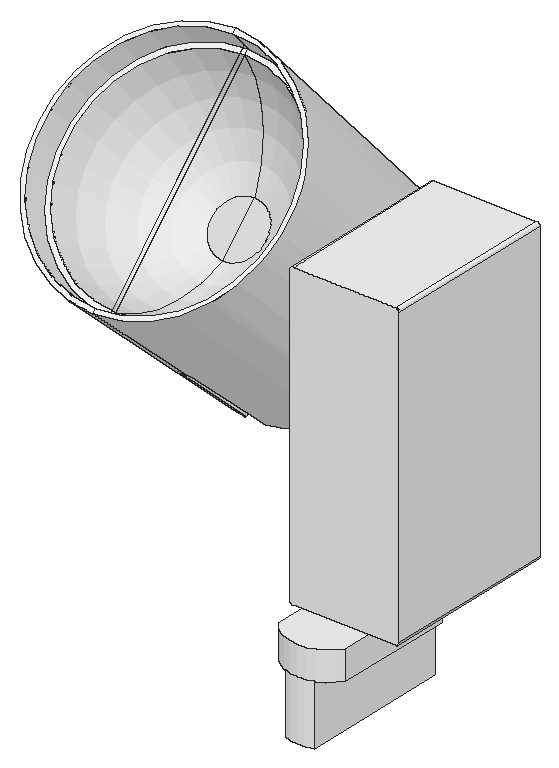
Revit family "0004867 Feilo Sylvania Lighting Fixture START TRACK SPOT L 35W 3K RA90 WB WHITE", category Lighting Fixtures, host Face, Revit 2017
Family settings
  Host = Face
  Round Connector Dimension = Use Diameter
  Part Type = Normal
  OmniClass Number = 23.80.70.00
  OmniClass Title = Lighting
  Cut with Voids When Loaded = No
  Light Source = No
  Shared = No
  Room Calculation Point = No
Parameters (values of type "0004867 START TRACK SPOT L 35W 3K RA90 WB WHITE")
  Weight = "1.368 kg"
  Wattage Comments = ""
  WarrantyStartDate [instance] = "n/a"
  WarrantyGuarantorParts = "n/a"
  WarrantyDurationUnit = "n/a"
  WarrantyDurationParts = "n/a"
  WarrantyDescription = "n/a"
  Voltage = 230 V
  URL = "http://www.sylvania-lighting.com"
  TypeName = "START TRACK SPOT L 35W 3K RA90 WB WHITE"
  TypeHead_FEILO = Start Track Spot Head : 0004867 START TRACK SPOT L 35W 3K RA90 WB WHITE
  TypeBox_FEILO = Start Track Spot Box : Type Large White
  Type Image = <None>
  Type Comments = "n/a"
  VerticalRotation_FEILO [instance] = 0.00°
  SlideEndAngle_FEILO [instance] = VerticalRotation_FEILO + 180.00°  # 180.00°
  SerialNumber [instance] = "n/a"
  Material_3_FEILO = none
  PowerFactor = 0.93
  PowerConsumption = "35 W"
  NominalLength = 0 mm
  NominalHeight = 240 mm
  NominalDepth = 164 mm
  Name = "START TRACK SPOT L 35W 3K RA90 WB WHITE"
  ModelReference = Name  # "START TRACK SPOT L 35W 3K RA90 WB WHITE"
  ModelNumber = "0004867"
  Model = Name  # "START TRACK SPOT L 35W 3K RA90 WB WHITE"
  Material = "adc12 aluminium housing, polycarbonate diffuser"
  ManufacturerName = "Feilo Sylvania"
  Manufacturer = "Feilo Sylvania"
  LuminousEfficacy = "93 lm/W"
  LuminaireType = ""
  LightOutputRatio = "100"
  LampsType = Lamp  # "LED"
  LampNominalLuminous = "3260 lm"
  LampMacAdamStep = "3"
  LampColourTemperature = "3000 K"
  LampColourRenderingIndex = "90"
  Lamp = "LED"
  Keynote = "16500"
  InstallationDate [instance] = "n/a"
  InputVoltage = "230-240V~"
  InputNominalFrequency = "50/60 Hz"
  IngressProtection = "IP20"
  ImpactProtectionIndex = "IK02"
  IfcExportType = "IfcLightFixtureType"
  IfcExportAs = "IfcLightFixtureType"
  HorizontalRotation_FEILO [instance] = 45.00°
  ExpectedLife = 50000
  ElectricShockClassification = "Class II"
  DurationUnit = "hours"
  DocumentationLiterature = "http://www.sylvania-lighting.com/product/en-int/products/0004867"
  DimmingControlOptions = "Non dimmable"
  Material_2_FEILO = none
  Description = "Integrated LED spotlight, Textured White - RAL9016, compact and minimalist design, ideal for retail applications, die-cast aluminium body, passive cooling heatsink. Beam angle: 52°, color temperature: 3000K , total system power: 35W, total fixture output: 3260 lm, LOR: 100%, colour rendering: Ra: 90 typical, LED Chromaticity: 3 step MacAdam ellipse, lifetime: >50000 hours at L70B50, energy class: A++, A+, A, IR/UV free light source without heat radiation, operating voltage: 220-240V / 50-60Hz, drive current: 900mA, electronic driver, non-dimmable, power factor: 0.93, electrical protection: Class II, Global Track 3 Phase adapter suitable for Global trac 3-circuit tracks, ingress protection rating: IP20, suitable for internal environment only, horizontal rotation: 355°, vertical tilt: 90°, dimensions: Ø113x164x240, weight: 1.368kg."
  Default Elevation = 1219.2 mm
  CreatedOn = "12/12/2017"
  CreatedBy = ""
  Cost = 0
  built-in parameter 1114216 [instance] = (empty or 0)
  ClassificationValue = "EF_70_80"
  ClassificationName = "Uniclass2015"
  Material_1_FEILO = Body-Sylvania-StartTrackSpot-White
  BarCode [instance] = "n/a"
  AssetType = "Fixed"
  AssetIdentifier [instance] = "n/a"
  Assembly Code = "D5020200"
  Apparent Load = 35 VA
  Material_4_FEILO = none
Reference planes
  plane 1 "Center (Front/Back)": y = 0
  plane 2: z = 0
  plane 3 "Center (Left/Right)": x = 0
  plane 4: x = 15
  plane 5: x = -15
  plane 6: y = 35
  plane 7: y = -35
  plane 8: z = 13
  plane 9: z = -27
  plane 10: x = 6.5
  plane 11: x = -6.5
  plane 12: y = 27
  plane 13: y = -27
  plane 14: y = 20
Forms (mm)
  Extrusion 1, solid, material "Body-Sylvania-StartTrackSpot-White" <- "Material_1_FEILO"
    sketch origin (0, 0, 0) x (1, 0, 0) y (0, 1, 0)
      loop
        line (-15, 27) -> (-15, -27)
        arc (-15, -27) -> (0, -35) -> (15, -27) r 18.062
        line (15, -27) -> (15, 27)
        arc (15, 27) -> (0, 35) -> (-15, 27) r 18.062
    from 0 to 13
  Extrusion 2, solid, material "Body-Sylvania-StartTrackSpot-White" <- "Material_1_FEILO"
    sketch origin (0, 0, 0) x (1, 0, 0) y (0, 1, 0)
      loop
        arc (6.5, 33.79) -> (0, 35) -> (-6.5, 33.79) r 18.062
        line (-6.5, 33.79) -> (-6.5, -33.79)
        arc (-6.5, -33.79) -> (0, -35) -> (6.5, -33.79) r 18.062
        line (6.5, -33.79) -> (6.5, 33.79)
    from 0 to -27
  Revolve 3, solid, not visible
    sketch origin (1524, 20, 1219.2) x (1, 0, 0) y (0, 0, 1)
      loop
        line (-1524, -1206.2) -> (-1524, -1191.285) -> (-1530.5, -1191.285) -> (-1530.5, -1206.2) -> (-1524, -1206.2)
      axis (-1524, -1191.285) -> (-1524, -1206.2)
    angle from 0 <- "VerticalRotation_FEILO" to 180 <- "SlideEndAngle_FEILO"
Cuts and joins
  joined: Extrusion 1, Extrusion 2
Dimensions and locks
  equal spacing: plane 10, plane 3 "Center (Left/Right)", plane 11
  equal spacing: plane 4, plane 3 "Center (Left/Right)", plane 5
  locked: plane 8 to plane 2 at 13
  locked: plane 8 to plane 9 at 40
  equal spacing: plane 13, plane 1 "Center (Front/Back)", plane 12
  locked: plane 12 to plane 6 at 8
  locked: plane 14 to plane 6 at 15
  locked: Revolve 3 sketch curve to plane 8 at 14.915
  aligned and locked: plane 2 to host face
  aligned and locked: level to host face
  aligned and locked: plane 5 to Extrusion 1 sketch curve  (x2)
  aligned and locked: plane 12 to Extrusion 1 sketch curve
  aligned and locked: plane 13 to Extrusion 1 sketch curve
  aligned and locked: plane 4 to Extrusion 1 sketch curve
  aligned and locked: Extrusion 1 to plane 8
  aligned and locked: Extrusion 1 to level
  aligned and locked: Extrusion 2 sketch curve to Extrusion 1  (x2)
  aligned and locked: Extrusion 2 sketch curve to plane 11
  aligned and locked: plane 10 to Extrusion 2 sketch curve
  aligned and locked: plane 9 to Extrusion 2
  aligned and locked: level to Extrusion 2
  aligned and locked: Revolve 3 sketch curve to plane 3 "Center (Left/Right)"  (x2)
  aligned and locked: plane 11 to Revolve 3 sketch curve
  aligned and locked: Revolve 3 sketch curve to plane 8
Automatic sketch dimensions
  host sketch curve to host sketch curve = 2438.4 mm  (x2)
  Extrusion 1 sketch curve to plane 3 "Center (Left/Right)" = 0 mm  (x2)
  Extrusion 1 sketch curve to plane 13 = 10.062 mm
  plane 12 to Extrusion 1 sketch curve = 10.062 mm
  Revolve 3 sketch curve to plane 3 "Center (Left/Right)" = 0 mm
  plane 9 to Revolve 3 sketch curve = 582.6 mm
  Revolve 3 sketch curve to Revolve 3 sketch curve = 2581.144 mm
Nested families
  nested 1: "Start Track Spot Head" at (-75.5, 20, 133) x (0, 0.7071, 0.7071) z (0, 0.7071, -0.7071), type <- "TypeHead_FEILO", type "0004867 START TRACK SPOT L 35W 3K RA90 WB WHITE"
    with built-in parameter 1114216 (empty or 0)
  nested 2: "Start Track Spot Box" at (8.5, 20, 85) x (-1, 0, 0) z (0, -1, 0), BoxStartAngle_FEILO <- "HorizontalRotation_FEILO", type <- "TypeBox_FEILO", type "Type Large White"
    with BoxStartAngle_FEILO 45.00°, BoxEndAngle_FEILO -135.00°
Connectors
  electrical at (0, 0, 0), driven by "Apparent Load", driven by "PowerFactor", driven by "Voltage"
    settings: index 1, voltage 230 V, apparent load 35 VA, apparent load phase1 0 VA, apparent load phase2 0 VA, apparent load phase3 0 VA, power factor 0.93, load classification "Lighting", number of poles 1, system type 30, power factor state 1, is connector primary yes, connector utility no, sub classification motor no, connector description ""
Definition of nested family "Start Track Spot Head"
  Parameters (values of type "0004811 START TRACK SPOT S 14W 3K RA80 NB WHITE")
    Wattage Comments = "n/a"
    Wattage = 14 W
    built-in parameter 1150110 = 1 (stored number, unit not read)
    URL = "http://www.feilosylvania.com"
    Type Image = (empty or 0)
    Type Comments = "n/a"
    built-in parameter 1114217 = 1 (stored number, unit not read)
    Tilt Angle = -90.00°
    built-in parameter 1150109 = 1 (stored number, unit not read)
    built-in parameter 1150134 = (empty or 0)
    built-in parameter 1150113 = 1 (stored number, unit not read)
    Photometric Web File = "0004811.ies"
    Material_3_FEILO = none
    Model = "START TRACK SPOT S 14W 3K RA80 NB WHITE"
    Manufacturer = "Feilo Sylvania"
    built-in parameter 1150105 = 123.66 (stored number, unit not read)
    Lumens = 1554 lm
    built-in parameter 1150115 = 1 (stored number, unit not read)
    built-in parameter 1150137 = (empty or 0)
    built-in parameter 1150139 = (empty or 0)
    built-in parameter 1150112 = 1 (stored number, unit not read)
    built-in parameter 1150114 = 1 (stored number, unit not read)
    Lamp = "LED"
    Keynote = "16500"
    Material_2_FEILO = none
    built-in parameter 1150132 = (empty or 0)
    built-in parameter 1150102 = (empty or 0)
    built-in parameter 1150107 = 3000 (stored number, unit not read)
    built-in parameter 1150138 = (empty or 0)
    built-in parameter 1150106 = 1.2366 (stored number, unit not read)
    HeadThickness_FEILO = if(HeadDiaOut_FEILO > 112 mm, 2 mm, 1.5 mm)  # 1.5 mm
    HeadRibOffset_FEILO = HeadHeight_FEILO / 28  # 4.179 mm
    HeadRibDepth_FEILO = HeadHeight_FEILO / 2.1  # 55.714 mm
    HeadRibCutWidth_FEILO = HeadDiaOut_FEILO / 12  # 7.167 mm
    HeadRibCutOffset_FEILO = HeadHeight_FEILO / 2.3  # 50.87 mm
    HeadReflectorRadius_FEILO = HeadDiaOut_FEILO / 1.7  # 50.588 mm
    HeadReflectorOffset_FEILO = HeadHeight_FEILO / 2.1  # 55.714 mm
    HeadLEDRadius_FEILO = HeadDiaOut_FEILO / 9  # 9.556 mm
    HeadHeight_FEILO = 117 mm
    HeadDraft_FEILO = 1 mm
    HeadDiffusorThickness_FEILO = 3 mm
    HeadDiffusorOffset_FEILO = HeadHeight_FEILO / 12.4  # 9.435 mm
    HeadDiaOut_FEILO = 86 mm
    HeadDiaIn_FEILO = HeadDiaOut_FEILO / 1.11  # 77.477 mm
    HeadAxisFromTop_FEILO = HeadHeight_FEILO / 1.687  # 69.354 mm
    Emit from Circle Diameter = HeadDiaIn_FEILO  # 77.477 mm
    Emit Shape Visible in Rendering = no
    built-in parameter 1150104 = 10.312 (stored number, unit not read)
    Dimming Lamp Color Temperature Shift = (empty or 0)
    Description = "Integrated LED spotlight, Textured White - RAL9016, compact and minimalist design, ideal for retail applications, die-cast aluminium body, passive cooling heatsink. Beam angle: 12°, color temperature: 3000K , total system power: 14W, total fixture output: 1551 lm, LOR: 100%, colour rendering: Ra: 80 typical, LED Chromaticity: 3 step MacAdam ellipse, lifetime: >50000 hours at L70B50, energy class: A++, A+, A, IR/UV free light source without heat radiation, operating voltage: 220-240V / 50-60Hz, drive current: 350mA, electronic driver, non-dimmable, power factor: 0.92, electrical protection: Class II, Global Track 3 Phase adapter suitable for Global trac 3-circuit tracks, ingress protection rating: IP20, suitable for internal environment only, horizontal rotation: 355°, vertical tilt: 90°, dimensions: Ø86x140x200, weight: 0.940kg."
    Default Elevation = 1219.2 mm
    Cost = 0
    Color Filter = 16777215
    built-in parameter 1114216 [instance] = (empty or 0)
    Material_1_FEILO = none
    built-in parameter 1114218 = 1 (stored number, unit not read)
    built-in parameter 1150133 = 10 (stored number, unit not read)
    Assembly Code = "D5020200"
    Apparent Load = 14 VA
    Material_4_FEILO = none
  Types (96, lengths in mm): name | Wattage | built-in parameter 1150134 | Photometric Web File | Model | built-in parameter 1150105 | Lumens | built-in parameter 1150107 | built-in parameter 1150106 | HeadThickness_FEILO | HeadRibOffset_FEILO | HeadRibDepth_FEILO | HeadRibCutWidth_FEILO | HeadRibCutOffset_FEILO | HeadReflectorRadius_FEILO | HeadReflectorOffset_FEILO | HeadLEDRadius_FEILO | HeadHeight_FEILO | HeadDiffusorOffset_FEILO | HeadDiaOut_FEILO | HeadDiaIn_FEILO | HeadAxisFromTop_FEILO | Emit from Circle Diameter | built-in parameter 1150104 | Description | Apparent Load
    0004906 START TRACK SPOT L 55W 4K RA90 WB BLACK | 55 W | 12 | "0004906.ies" | "START TRACK SPOT L 55W 4K RA90 WB BLACK" | 385.15 (stored number, unit not read) | 4840 lm | 4000 (stored number, unit not read) | 3.8515 (stored number, unit not read) | 2 | 4.429 | 59.048 | 9.417 | 53.913 | 66.471 | 59.048 | 12.556 | 124 | 10 | 113 | 101.802 | 73.503 | 101.802 | 8.1755 (stored number, unit not read) | "Integrated LED spotlight, Textured Black - RAL9005, compact and minimalist design, ideal for retail applications, die-cast aluminium body, passive cooling heatsink. Beam angle: 52°, color temperature: 4000K , total system power: 55W, total fixture output: 4824 lm, LOR: 100%, colour rendering: Ra: 90 typical, LED Chromaticity: 3 step MacAdam ellipse, lifetime: >50000 hours at L70B50, energy class: A++, A+, A, IR/UV free light source without heat radiation, operating voltage: 220-240V / 50-60Hz, drive current: 1400mA, electronic driver, non-dimmable, power factor: 0.96, electrical protection: Class II, Global Track 3 Phase adapter suitable for Global trac 3-circuit tracks, ingress protection rating: IP20, suitable for internal environment only, horizontal rotation: 355°, vertical tilt: 90°, dimensions: Ø113x164x240, weight: 1.398kg." | 55 VA
    0004905 START TRACK SPOT L 55W 4K RA90 MB BLACK | 55 W | 12 | "0004905.ies" | "START TRACK SPOT L 55W 4K RA90 MB BLACK" | 389.53 (stored number, unit not read) | 4895 lm | 4000 (stored number, unit not read) | 3.8953 (stored number, unit not read) | 2 | 4.429 | 59.048 | 9.417 | 53.913 | 66.471 | 59.048 | 12.556 | 124 | 10 | 113 | 101.802 | 73.503 | 101.802 | 8.2684 (stored number, unit not read) | "Integrated LED spotlight, Textured Black - RAL9005, compact and minimalist design, ideal for retail applications, die-cast aluminium body, passive cooling heatsink. Beam angle: 38°, color temperature: 4000K , total system power: 55W, total fixture output: 4897 lm, LOR: 100%, colour rendering: Ra: 90 typical, LED Chromaticity: 3 step MacAdam ellipse, lifetime: >50000 hours at L70B50, energy class: A++, A+, A, IR/UV free light source without heat radiation, operating voltage: 220-240V / 50-60Hz, drive current: 1400mA, electronic driver, non-dimmable, power factor: 0.96, electrical protection: Class II, Global Track 3 Phase adapter suitable for Global trac 3-circuit tracks, ingress protection rating: IP20, suitable for internal environment only, horizontal rotation: 355°, vertical tilt: 90°, dimensions: Ø113x164x240, weight: 1.398kg." | 55 VA
    0004904 START TRACK SPOT L 55W 4K RA90 NB BLACK | 55 W | 12 | "0004904.ies" | "START TRACK SPOT L 55W 4K RA90 NB BLACK" | 393.91 (stored number, unit not read) | 4950 lm | 4000 (stored number, unit not read) | 3.9391 (stored number, unit not read) | 2 | 4.429 | 59.048 | 9.417 | 53.913 | 66.471 | 59.048 | 12.556 | 124 | 10 | 113 | 101.802 | 73.503 | 101.802 | 8.3613 (stored number, unit not read) | "Integrated LED spotlight, Textured Black - RAL9005, compact and minimalist design, ideal for retail applications, die-cast aluminium body, passive cooling heatsink. Beam angle: 15°, color temperature: 4000K , total system power: 55W, total fixture output: 4965 lm, LOR: 100%, colour rendering: Ra: 90 typical, LED Chromaticity: 3 step MacAdam ellipse, lifetime: >50000 hours at L70B50, energy class: A++, A+, A, IR/UV free light source without heat radiation, operating voltage: 220-240V / 50-60Hz, drive current: 1400mA, electronic driver, non-dimmable, power factor: 0.96, electrical protection: Class II, Global Track 3 Phase adapter suitable for Global trac 3-circuit tracks, ingress protection rating: IP20, suitable for internal environment only, horizontal rotation: 355°, vertical tilt: 90°, dimensions: Ø113x164x240, weight: 1.398kg." | 55 VA
    0004903 START TRACK SPOT L 35W 4K RA90 WB BLACK | 35 W | 12 | "0004903.ies" | "START TRACK SPOT L 35W 4K RA90 WB BLACK" | 284.09 (stored number, unit not read) | 3570 lm | 4000 (stored number, unit not read) | 2.8409 (stored number, unit not read) | 2 | 4.429 | 59.048 | 9.417 | 53.913 | 66.471 | 59.048 | 12.556 | 124 | 10 | 113 | 101.802 | 73.503 | 101.802 | 9.4761 (stored number, unit not read) | "Integrated LED spotlight, Textured Black - RAL9005, compact and minimalist design, ideal for retail applications, die-cast aluminium body, passive cooling heatsink. Beam angle: 52°, color temperature: 4000K , total system power: 35W, total fixture output: 3562 lm, LOR: 100%, colour rendering: Ra: 90 typical, LED Chromaticity: 3 step MacAdam ellipse, lifetime: >50000 hours at L70B50, energy class: A++, A+, A, IR/UV free light source without heat radiation, operating voltage: 220-240V / 50-60Hz, drive current: 900mA, electronic driver, non-dimmable, power factor: 0.93, electrical protection: Class II, Global Track 3 Phase adapter suitable for Global trac 3-circuit tracks, ingress protection rating: IP20, suitable for internal environment only, horizontal rotation: 355°, vertical tilt: 90°, dimensions: Ø113x164x240, weight: 1.368kg." | 35 VA
    0004902 START TRACK SPOT L 35W 4K RA90 MB BLACK | 35 W | 12 | "0004902.ies" | "START TRACK SPOT L 35W 4K RA90 MB BLACK" | 286.88 (stored number, unit not read) | 3605 lm | 4000 (stored number, unit not read) | 2.8688 (stored number, unit not read) | 2 | 4.429 | 59.048 | 9.417 | 53.913 | 66.471 | 59.048 | 12.556 | 124 | 10 | 113 | 101.802 | 73.503 | 101.802 | 9.569 (stored number, unit not read) | "Integrated LED spotlight, Textured Black - RAL9005, compact and minimalist design, ideal for retail applications, die-cast aluminium body, passive cooling heatsink. Beam angle: 38°, color temperature: 4000K , total system power: 35W, total fixture output: 3616 lm, LOR: 100%, colour rendering: Ra: 90 typical, LED Chromaticity: 3 step MacAdam ellipse, lifetime: >50000 hours at L70B50, energy class: A++, A+, A, IR/UV free light source without heat radiation, operating voltage: 220-240V / 50-60Hz, drive current: 900mA, electronic driver, non-dimmable, power factor: 0.93, electrical protection: Class II, Global Track 3 Phase adapter suitable for Global trac 3-circuit tracks, ingress protection rating: IP20, suitable for internal environment only, horizontal rotation: 355°, vertical tilt: 90°, dimensions: Ø113x164x240, weight: 1.368kg." | 35 VA
    0004901 START TRACK SPOT L 35W 4K RA90 NB BLACK | 35 W | 12 | "0004901.ies" | "START TRACK SPOT L 35W 4K RA90 NB BLACK" | 286.88 (stored number, unit not read) | 3605 lm | 4000 (stored number, unit not read) | 2.8688 (stored number, unit not read) | 2 | 4.429 | 59.048 | 9.417 | 53.913 | 66.471 | 59.048 | 12.556 | 124 | 10 | 113 | 101.802 | 73.503 | 101.802 | 9.569 (stored number, unit not read) | "Integrated LED spotlight, Textured Black - RAL9005, compact and minimalist design, ideal for retail applications, die-cast aluminium body, passive cooling heatsink. Beam angle: 15°, color temperature: 4000K , total system power: 35W, total fixture output: 3593 lm, LOR: 100%, colour rendering: Ra: 90 typical, LED Chromaticity: 3 step MacAdam ellipse, lifetime: >50000 hours at L70B50, energy class: A++, A+, A, IR/UV free light source without heat radiation, operating voltage: 220-240V / 50-60Hz, drive current: 900mA, electronic driver, non-dimmable, power factor: 0.93, electrical protection: Class II, Global Track 3 Phase adapter suitable for Global trac 3-circuit tracks, ingress protection rating: IP20, suitable for internal environment only, horizontal rotation: 355°, vertical tilt: 90°, dimensions: Ø113x164x240, weight: 1.368kg." | 35 VA
    0004900 START TRACK SPOT S 24W 4K RA90 WB BLACK | 24 W | 12 | "0004900.ies" | "START TRACK SPOT S 24W 4K RA90 WB BLACK" | 166.16 (stored number, unit not read) | 2088 lm | 4000 (stored number, unit not read) | 1.6616 (stored number, unit not read) | 1.5 | 4.179 | 55.714 | 7.167 | 50.87 | 50.588 | 55.714 | 9.556 | 117 | 9.435 | 86 | 77.477 | 69.354 | 77.477 | 8.0826 (stored number, unit not read) | "Integrated LED spotlight, Textured Black - RAL9005, compact and minimalist design, ideal for retail applications, die-cast aluminium body, passive cooling heatsink. Beam angle: 64°, color temperature: 4000K , total system power: 24W, total fixture output: 2087 lm, LOR: 100%, colour rendering: Ra: 90 typical, LED Chromaticity: 3 step MacAdam ellipse, lifetime: >50000 hours at L70B50, energy class: A++, A+, A, IR/UV free light source without heat radiation, operating voltage: 220-240V / 50-60Hz, drive current: 600mA, electronic driver, non-dimmable, power factor: 0.95, electrical protection: Class II, Global Track 3 Phase adapter suitable for Global trac 3-circuit tracks, ingress protection rating: IP20, suitable for internal environment only, horizontal rotation: 355°, vertical tilt: 90°, dimensions: Ø86x140x200, weight: 0.966kg." | 24 VA
    0004899 START TRACK SPOT S 24W 4K RA90 MB BLACK | 24 W | 12 | "0004899.ies" | "START TRACK SPOT S 24W 4K RA90 MB BLACK" | 169.98 (stored number, unit not read) | 2136 lm | 4000 (stored number, unit not read) | 1.6998 (stored number, unit not read) | 1.5 | 4.179 | 55.714 | 7.167 | 50.87 | 50.588 | 55.714 | 9.556 | 117 | 9.435 | 86 | 77.477 | 69.354 | 77.477 | 8.2684 (stored number, unit not read) | "Integrated LED spotlight, Textured Black - RAL9005, compact and minimalist design, ideal for retail applications, die-cast aluminium body, passive cooling heatsink. Beam angle: 36°, color temperature: 4000K , total system power: 24W, total fixture output: 2141 lm, LOR: 100%, colour rendering: Ra: 90 typical, LED Chromaticity: 3 step MacAdam ellipse, lifetime: >50000 hours at L70B50, energy class: A++, A+, A, IR/UV free light source without heat radiation, operating voltage: 220-240V / 50-60Hz, drive current: 600mA, electronic driver, non-dimmable, power factor: 0.95, electrical protection: Class II, Global Track 3 Phase adapter suitable for Global trac 3-circuit tracks, ingress protection rating: IP20, suitable for internal environment only, horizontal rotation: 355°, vertical tilt: 90°, dimensions: Ø86x140x200, weight: 0.966kg." | 24 VA
    0004898 START TRACK SPOT S 24W 4K RA90 NB BLACK | 24 W | 12 | "0004898.ies" | "START TRACK SPOT S 24W 4K RA90 NB BLACK" | 171.89 (stored number, unit not read) | 2160 lm | 4000 (stored number, unit not read) | 1.7189 (stored number, unit not read) | 1.5 | 4.179 | 55.714 | 7.167 | 50.87 | 50.588 | 55.714 | 9.556 | 117 | 9.435 | 86 | 77.477 | 69.354 | 77.477 | 8.3613 (stored number, unit not read) | "Integrated LED spotlight, Textured Black - RAL9005, compact and minimalist design, ideal for retail applications, die-cast aluminium body, passive cooling heatsink. Beam angle: 12°, color temperature: 4000K , total system power: 24W, total fixture output: 2155 lm, LOR: 100%, colour rendering: Ra: 90 typical, LED Chromaticity: 3 step MacAdam ellipse, lifetime: >50000 hours at L70B50, energy class: A++, A+, A, IR/UV free light source without heat radiation, operating voltage: 220-240V / 50-60Hz, drive current: 600mA, electronic driver, non-dimmable, power factor: 0.95, electrical protection: Class II, Global Track 3 Phase adapter suitable for Global trac 3-circuit tracks, ingress protection rating: IP20, suitable for internal environment only, horizontal rotation: 355°, vertical tilt: 90°, dimensions: Ø86x140x200, weight: 0.966kg." | 24 VA
    0004897 START TRACK SPOT S 14W 4K RA90 WB BLACK | 14 W | 12 | "0004897.ies" | "START TRACK SPOT S 14W 4K RA90 WB BLACK" | 108.07 (stored number, unit not read) | 1358 lm | 4000 (stored number, unit not read) | 1.0807 (stored number, unit not read) | 1.5 | 4.179 | 55.714 | 7.167 | 50.87 | 50.588 | 55.714 | 9.556 | 117 | 9.435 | 86 | 77.477 | 69.354 | 77.477 | 9.0116 (stored number, unit not read) | "Integrated LED spotlight, Textured Black - RAL9005, compact and minimalist design, ideal for retail applications, die-cast aluminium body, passive cooling heatsink. Beam angle: 64°, color temperature: 4000K , total system power: 14W, total fixture output: 1352 lm, LOR: 100%, colour rendering: Ra: 90 typical, LED Chromaticity: 3 step MacAdam ellipse, lifetime: >50000 hours at L70B50, energy class: A++, A+, A, IR/UV free light source without heat radiation, operating voltage: 220-240V / 50-60Hz, drive current: 350mA, electronic driver, non-dimmable, power factor: 0.92, electrical protection: Class II, Global Track 3 Phase adapter suitable for Global trac 3-circuit tracks, ingress protection rating: IP20, suitable for internal environment only, horizontal rotation: 355°, vertical tilt: 90°, dimensions: Ø86x140x200, weight: 0.940kg." | 14 VA
    0004896 START TRACK SPOT S 14W 4K RA90 MB BLACK | 14 W | 12 | "0004896.ies" | "START TRACK SPOT S 14W 4K RA90 MB BLACK" | 108.07 (stored number, unit not read) | 1358 lm | 4000 (stored number, unit not read) | 1.0807 (stored number, unit not read) | 1.5 | 4.179 | 55.714 | 7.167 | 50.87 | 50.588 | 55.714 | 9.556 | 117 | 9.435 | 86 | 77.477 | 69.354 | 77.477 | 9.0116 (stored number, unit not read) | "Integrated LED spotlight, Textured Black - RAL9005, compact and minimalist design, ideal for retail applications, die-cast aluminium body, passive cooling heatsink. Beam angle: 36°, color temperature: 4000K , total system power: 14W, total fixture output: 1359 lm, LOR: 100%, colour rendering: Ra: 90 typical, LED Chromaticity: 3 step MacAdam ellipse, lifetime: >50000 hours at L70B50, energy class: A++, A+, A, IR/UV free light source without heat radiation, operating voltage: 220-240V / 50-60Hz, drive current: 350mA, electronic driver, non-dimmable, power factor: 0.92, electrical protection: Class II, Global Track 3 Phase adapter suitable for Global trac 3-circuit tracks, ingress protection rating: IP20, suitable for internal environment only, horizontal rotation: 355°, vertical tilt: 90°, dimensions: Ø86x140x200, weight: 0.940kg." | 14 VA
    0004895 START TRACK SPOT S 14W 4K RA90 NB BLACK | 14 W | 12 | "0004895.ies" | "START TRACK SPOT S 14W 4K RA90 NB BLACK" | 106.95 (stored number, unit not read) | 1344 lm | 4000 (stored number, unit not read) | 1.0695 (stored number, unit not read) | 1.5 | 4.179 | 55.714 | 7.167 | 50.87 | 50.588 | 55.714 | 9.556 | 117 | 9.435 | 86 | 77.477 | 69.354 | 77.477 | 8.9187 (stored number, unit not read) | "Integrated LED spotlight, Textured Black - RAL9005, compact and minimalist design, ideal for retail applications, die-cast aluminium body, passive cooling heatsink. Beam angle: 12°, color temperature: 4000K , total system power: 14W, total fixture output: 1349 lm, LOR: 100%, colour rendering: Ra: 90 typical, LED Chromaticity: 3 step MacAdam ellipse, lifetime: >50000 hours at L70B50, energy class: A++, A+, A, IR/UV free light source without heat radiation, operating voltage: 220-240V / 50-60Hz, drive current: 350mA, electronic driver, non-dimmable, power factor: 0.92, electrical protection: Class II, Global Track 3 Phase adapter suitable for Global trac 3-circuit tracks, ingress protection rating: IP20, suitable for internal environment only, horizontal rotation: 355°, vertical tilt: 90°, dimensions: Ø86x140x200, weight: 0.940kg." | 14 VA
    0004894 START TRACK SPOT L 55W 3K RA90 WB BLACK | 55 W | (empty or 0) | "0004894.ies" | "START TRACK SPOT L 55W 3K RA90 WB BLACK" | 350.14 (stored number, unit not read) | 4400 lm | 3000 (stored number, unit not read) | 3.5014 (stored number, unit not read) | 2 | 4.429 | 59.048 | 9.417 | 53.913 | 66.471 | 59.048 | 12.556 | 124 | 10 | 113 | 101.802 | 73.503 | 101.802 | 7.4322 (stored number, unit not read) | "Integrated LED spotlight, Textured Black - RAL9005, compact and minimalist design, ideal for retail applications, die-cast aluminium body, passive cooling heatsink. Beam angle: 52°, color temperature: 3000K , total system power: 55W, total fixture output: 4405 lm, LOR: 100%, colour rendering: Ra: 90 typical, LED Chromaticity: 3 step MacAdam ellipse, lifetime: >50000 hours at L70B50, energy class: A++, A+, A, IR/UV free light source without heat radiation, operating voltage: 220-240V / 50-60Hz, drive current: 1400mA, electronic driver, non-dimmable, power factor: 0.96, electrical protection: Class II, Global Track 3 Phase adapter suitable for Global trac 3-circuit tracks, ingress protection rating: IP20, suitable for internal environment only, horizontal rotation: 355°, vertical tilt: 90°, dimensions: Ø113x164x240, weight: 1.398kg." | 55 VA
    0004893 START TRACK SPOT L 55W 3K RA90 MB BLACK | 55 W | (empty or 0) | "0004893.ies" | "START TRACK SPOT L 55W 3K RA90 MB BLACK" | 354.52 (stored number, unit not read) | 4455 lm | 3000 (stored number, unit not read) | 3.5452 (stored number, unit not read) | 2 | 4.429 | 59.048 | 9.417 | 53.913 | 66.471 | 59.048 | 12.556 | 124 | 10 | 113 | 101.802 | 73.503 | 101.802 | 7.5251 (stored number, unit not read) | "Integrated LED spotlight, Textured Black - RAL9005, compact and minimalist design, ideal for retail applications, die-cast aluminium body, passive cooling heatsink. Beam angle: 38°, color temperature: 3000K , total system power: 55W, total fixture output: 4448 lm, LOR: 100%, colour rendering: Ra: 90 typical, LED Chromaticity: 3 step MacAdam ellipse, lifetime: >50000 hours at L70B50, energy class: A++, A+, A, IR/UV free light source without heat radiation, operating voltage: 220-240V / 50-60Hz, drive current: 1400mA, electronic driver, non-dimmable, power factor: 0.96, electrical protection: Class II, Global Track 3 Phase adapter suitable for Global trac 3-circuit tracks, ingress protection rating: IP20, suitable for internal environment only, horizontal rotation: 355°, vertical tilt: 90°, dimensions: Ø113x164x240, weight: 1.398kg." | 55 VA
    0004892 START TRACK SPOT L 55W 3K RA90 NB BLACK | 55 W | (empty or 0) | "0004892.ies" | "START TRACK SPOT L 55W 3K RA90 NB BLACK" | 350.14 (stored number, unit not read) | 4400 lm | 3000 (stored number, unit not read) | 3.5014 (stored number, unit not read) | 2 | 4.429 | 59.048 | 9.417 | 53.913 | 66.471 | 59.048 | 12.556 | 124 | 10 | 113 | 101.802 | 73.503 | 101.802 | 7.4322 (stored number, unit not read) | "Integrated LED spotlight, Textured Black - RAL9005, compact and minimalist design, ideal for retail applications, die-cast aluminium body, passive cooling heatsink. Beam angle: 15°, color temperature: 3000K , total system power: 55W, total fixture output: 4416 lm, LOR: 100%, colour rendering: Ra: 90 typical, LED Chromaticity: 3 step MacAdam ellipse, lifetime: >50000 hours at L70B50, energy class: A++, A+, A, IR/UV free light source without heat radiation, operating voltage: 220-240V / 50-60Hz, drive current: 1400mA, electronic driver, non-dimmable, power factor: 0.96, electrical protection: Class II, Global Track 3 Phase adapter suitable for Global trac 3-circuit tracks, ingress protection rating: IP20, suitable for internal environment only, horizontal rotation: 355°, vertical tilt: 90°, dimensions: Ø113x164x240, weight: 1.398kg." | 55 VA
    0004891 START TRACK SPOT L 35W 3K RA90 WB BLACK | 35 W | (empty or 0) | "0004891.ies" | "START TRACK SPOT L 35W 3K RA90 WB BLACK" | 259.02 (stored number, unit not read) | 3255 lm | 3000 (stored number, unit not read) | 2.5902 (stored number, unit not read) | 2 | 4.429 | 59.048 | 9.417 | 53.913 | 66.471 | 59.048 | 12.556 | 124 | 10 | 113 | 101.802 | 73.503 | 101.802 | 8.64 (stored number, unit not read) | "Integrated LED spotlight, Textured Black - RAL9005, compact and minimalist design, ideal for retail applications, die-cast aluminium body, passive cooling heatsink. Beam angle: 52°, color temperature: 3000K , total system power: 35W, total fixture output: 3260 lm, LOR: 100%, colour rendering: Ra: 90 typical, LED Chromaticity: 3 step MacAdam ellipse, lifetime: >50000 hours at L70B50, energy class: A++, A+, A, IR/UV free light source without heat radiation, operating voltage: 220-240V / 50-60Hz, drive current: 900mA, electronic driver, non-dimmable, power factor: 0.93, electrical protection: Class II, Global Track 3 Phase adapter suitable for Global trac 3-circuit tracks, ingress protection rating: IP20, suitable for internal environment only, horizontal rotation: 355°, vertical tilt: 90°, dimensions: Ø113x164x240, weight: 1.368kg." | 35 VA
    0004890 START TRACK SPOT L 35W 3K RA90 MB BLACK | 35 W | (empty or 0) | "0004890.ies" | "START TRACK SPOT L 35W 3K RA90 MB BLACK" | 261.81 (stored number, unit not read) | 3290 lm | 3000 (stored number, unit not read) | 2.6181 (stored number, unit not read) | 2 | 4.429 | 59.048 | 9.417 | 53.913 | 66.471 | 59.048 | 12.556 | 124 | 10 | 113 | 101.802 | 73.503 | 101.802 | 8.7329 (stored number, unit not read) | "Integrated LED spotlight, Textured Black - RAL9005, compact and minimalist design, ideal for retail applications, die-cast aluminium body, passive cooling heatsink. Beam angle: 38°, color temperature: 3000K , total system power: 35W, total fixture output: 3306 lm, LOR: 100%, colour rendering: Ra: 90 typical, LED Chromaticity: 3 step MacAdam ellipse, lifetime: >50000 hours at L70B50, energy class: A++, A+, A, IR/UV free light source without heat radiation, operating voltage: 220-240V / 50-60Hz, drive current: 900mA, electronic driver, non-dimmable, power factor: 0.93, electrical protection: Class II, Global Track 3 Phase adapter suitable for Global trac 3-circuit tracks, ingress protection rating: IP20, suitable for internal environment only, horizontal rotation: 355°, vertical tilt: 90°, dimensions: Ø113x164x240, weight: 1.368kg." | 35 VA
    0004889 START TRACK SPOT L 35W 3K RA90 NB BLACK | 35 W | (empty or 0) | "0004889.ies" | "START TRACK SPOT L 35W 3K RA90 NB BLACK" | 261.81 (stored number, unit not read) | 3290 lm | 3000 (stored number, unit not read) | 2.6181 (stored number, unit not read) | 2 | 4.429 | 59.048 | 9.417 | 53.913 | 66.471 | 59.048 | 12.556 | 124 | 10 | 113 | 101.802 | 73.503 | 101.802 | 8.7329 (stored number, unit not read) | "Integrated LED spotlight, Textured Black - RAL9005, compact and minimalist design, ideal for retail applications, die-cast aluminium body, passive cooling heatsink. Beam angle: 15°, color temperature: 3000K , total system power: 35W, total fixture output: 3287 lm, LOR: 100%, colour rendering: Ra: 90 typical, LED Chromaticity: 3 step MacAdam ellipse, lifetime: >50000 hours at L70B50, energy class: A++, A+, A, IR/UV free light source without heat radiation, operating voltage: 220-240V / 50-60Hz, drive current: 900mA, electronic driver, non-dimmable, power factor: 0.93, electrical protection: Class II, Global Track 3 Phase adapter suitable for Global trac 3-circuit tracks, ingress protection rating: IP20, suitable for internal environment only, horizontal rotation: 355°, vertical tilt: 90°, dimensions: Ø113x164x240, weight: 1.368kg." | 35 VA
    0004888 START TRACK SPOT S 24W 3K RA90 WB BLACK | 24 W | (empty or 0) | "0004888.ies" | "START TRACK SPOT S 24W 3K RA90 WB BLACK" | 152.79 (stored number, unit not read) | 1920 lm | 3000 (stored number, unit not read) | 1.5279 (stored number, unit not read) | 1.5 | 4.179 | 55.714 | 7.167 | 50.87 | 50.588 | 55.714 | 9.556 | 117 | 9.435 | 86 | 77.477 | 69.354 | 77.477 | 7.4322 (stored number, unit not read) | "Integrated LED spotlight, Textured Black - RAL9005, compact and minimalist design, ideal for retail applications, die-cast aluminium body, passive cooling heatsink. Beam angle: 64°, color temperature: 3000K , total system power: 24W, total fixture output: 1928 lm, LOR: 100%, colour rendering: Ra: 90 typical, LED Chromaticity: 3 step MacAdam ellipse, lifetime: >50000 hours at L70B50, energy class: A++, A+, A, IR/UV free light source without heat radiation, operating voltage: 220-240V / 50-60Hz, drive current: 600mA, electronic driver, non-dimmable, power factor: 0.95, electrical protection: Class II, Global Track 3 Phase adapter suitable for Global trac 3-circuit tracks, ingress protection rating: IP20, suitable for internal environment only, horizontal rotation: 355°, vertical tilt: 90°, dimensions: Ø86x140x200, weight: 0.966kg." | 24 VA
    0004887 START TRACK SPOT S 24W 3K RA90 MB BLACK | 24 W | (empty or 0) | "0004887.ies" | "START TRACK SPOT S 24W 3K RA90 MB BLACK" | 154.7 (stored number, unit not read) | 1944 lm | 3000 (stored number, unit not read) | 1.547 (stored number, unit not read) | 1.5 | 4.179 | 55.714 | 7.167 | 50.87 | 50.588 | 55.714 | 9.556 | 117 | 9.435 | 86 | 77.477 | 69.354 | 77.477 | 7.5251 (stored number, unit not read) | "Integrated LED spotlight, Textured Black - RAL9005, compact and minimalist design, ideal for retail applications, die-cast aluminium body, passive cooling heatsink. Beam angle: 36°, color temperature: 3000K , total system power: 24W, total fixture output: 1944 lm, LOR: 100%, colour rendering: Ra: 90 typical, LED Chromaticity: 3 step MacAdam ellipse, lifetime: >50000 hours at L70B50, energy class: A++, A+, A, IR/UV free light source without heat radiation, operating voltage: 220-240V / 50-60Hz, drive current: 600mA, electronic driver, non-dimmable, power factor: 0.95, electrical protection: Class II, Global Track 3 Phase adapter suitable for Global trac 3-circuit tracks, ingress protection rating: IP20, suitable for internal environment only, horizontal rotation: 355°, vertical tilt: 90°, dimensions: Ø86x140x200, weight: 0.966kg." | 24 VA
    0004886 START TRACK SPOT S 24W 3K RA90 NB BLACK | 24 W | (empty or 0) | "0004886.ies" | "START TRACK SPOT S 24W 3K RA90 NB BLACK" | 158.52 (stored number, unit not read) | 1992 lm | 3000 (stored number, unit not read) | 1.5852 (stored number, unit not read) | 1.5 | 4.179 | 55.714 | 7.167 | 50.87 | 50.588 | 55.714 | 9.556 | 117 | 9.435 | 86 | 77.477 | 69.354 | 77.477 | 7.711 (stored number, unit not read) | "Integrated LED spotlight, Textured Black - RAL9005, compact and minimalist design, ideal for retail applications, die-cast aluminium body, passive cooling heatsink. Beam angle: 12°, color temperature: 3000K , total system power: 24W, total fixture output: 1987 lm, LOR: 100%, colour rendering: Ra: 90 typical, LED Chromaticity: 3 step MacAdam ellipse, lifetime: >50000 hours at L70B50, energy class: A++, A+, A, IR/UV free light source without heat radiation, operating voltage: 220-240V / 50-60Hz, drive current: 600mA, electronic driver, non-dimmable, power factor: 0.95, electrical protection: Class II, Global Track 3 Phase adapter suitable for Global trac 3-circuit tracks, ingress protection rating: IP20, suitable for internal environment only, horizontal rotation: 355°, vertical tilt: 90°, dimensions: Ø86x140x200, weight: 0.966kg." | 24 VA
    0004885 START TRACK SPOT S 14W 3K RA90 WB BLACK | 14 W | (empty or 0) | "0004885.ies" | "START TRACK SPOT S 14W 3K RA90 WB BLACK" | 100.27 (stored number, unit not read) | 1260 lm | 3000 (stored number, unit not read) | 1.0027 (stored number, unit not read) | 1.5 | 4.179 | 55.714 | 7.167 | 50.87 | 50.588 | 55.714 | 9.556 | 117 | 9.435 | 86 | 77.477 | 69.354 | 77.477 | 8.3613 (stored number, unit not read) | "Integrated LED spotlight, Textured Black - RAL9005, compact and minimalist design, ideal for retail applications, die-cast aluminium body, passive cooling heatsink. Beam angle: 64°, color temperature: 3000K , total system power: 14W, total fixture output: 1262 lm, LOR: 100%, colour rendering: Ra: 90 typical, LED Chromaticity: 3 step MacAdam ellipse, lifetime: >50000 hours at L70B50, energy class: A++, A+, A, IR/UV free light source without heat radiation, operating voltage: 220-240V / 50-60Hz, drive current: 350mA, electronic driver, non-dimmable, power factor: 0.92, electrical protection: Class II, Global Track 3 Phase adapter suitable for Global trac 3-circuit tracks, ingress protection rating: IP20, suitable for internal environment only, horizontal rotation: 355°, vertical tilt: 90°, dimensions: Ø86x140x200, weight: 0.940kg." | 14 VA
    0004884 START TRACK SPOT S 14W 3K RA90 MB BLACK | 14 W | (empty or 0) | "0004884.ies" | "START TRACK SPOT S 14W 3K RA90 MB BLACK" | 100.27 (stored number, unit not read) | 1260 lm | 3000 (stored number, unit not read) | 1.0027 (stored number, unit not read) | 1.5 | 4.179 | 55.714 | 7.167 | 50.87 | 50.588 | 55.714 | 9.556 | 117 | 9.435 | 86 | 77.477 | 69.354 | 77.477 | 8.3613 (stored number, unit not read) | "Integrated LED spotlight, Textured Black - RAL9005, compact and minimalist design, ideal for retail applications, die-cast aluminium body, passive cooling heatsink. Beam angle: 36°, color temperature: 3000K , total system power: 14W, total fixture output: 1262 lm, LOR: 100%, colour rendering: Ra: 90 typical, LED Chromaticity: 3 step MacAdam ellipse, lifetime: >50000 hours at L70B50, energy class: A++, A+, A, IR/UV free light source without heat radiation, operating voltage: 220-240V / 50-60Hz, drive current: 350mA, electronic driver, non-dimmable, power factor: 0.92, electrical protection: Class II, Global Track 3 Phase adapter suitable for Global trac 3-circuit tracks, ingress protection rating: IP20, suitable for internal environment only, horizontal rotation: 355°, vertical tilt: 90°, dimensions: Ø86x140x200, weight: 0.940kg." | 14 VA
    0004883 START TRACK SPOT S 14W 3K RA90 NB BLACK | 14 W | (empty or 0) | "0004883.ies" | "START TRACK SPOT S 14W 3K RA90 NB BLACK" | 102.5 (stored number, unit not read) | 1288 lm | 3000 (stored number, unit not read) | 1.025 (stored number, unit not read) | 1.5 | 4.179 | 55.714 | 7.167 | 50.87 | 50.588 | 55.714 | 9.556 | 117 | 9.435 | 86 | 77.477 | 69.354 | 77.477 | 8.5471 (stored number, unit not read) | "Integrated LED spotlight, Textured Black - RAL9005, compact and minimalist design, ideal for retail applications, die-cast aluminium body, passive cooling heatsink. Beam angle: 12°, color temperature: 3000K , total system power: 14W, total fixture output: 1284 lm, LOR: 100%, colour rendering: Ra: 90 typical, LED Chromaticity: 3 step MacAdam ellipse, lifetime: >50000 hours at L70B50, energy class: A++, A+, A, IR/UV free light source without heat radiation, operating voltage: 220-240V / 50-60Hz, drive current: 350mA, electronic driver, non-dimmable, power factor: 0.92, electrical protection: Class II, Global Track 3 Phase adapter suitable for Global trac 3-circuit tracks, ingress protection rating: IP20, suitable for internal environment only, horizontal rotation: 355°, vertical tilt: 90°, dimensions: Ø86x140x200, weight: 0.940kg." | 14 VA
    0004882 START TRACK SPOT L 55W 4K RA90 WB WHITE | 55 W | 12 | "0004882.ies" | "START TRACK SPOT L 55W 4K RA90 WB WHITE" | 385.15 (stored number, unit not read) | 4840 lm | 4000 (stored number, unit not read) | 3.8515 (stored number, unit not read) | 2 | 4.429 | 59.048 | 9.417 | 53.913 | 66.471 | 59.048 | 12.556 | 124 | 10 | 113 | 101.802 | 73.503 | 101.802 | 8.1755 (stored number, unit not read) | "Integrated LED spotlight, Textured White - RAL9016, compact and minimalist design, ideal for retail applications, die-cast aluminium body, passive cooling heatsink. Beam angle: 52°, color temperature: 4000K , total system power: 55W, total fixture output: 4824 lm, LOR: 100%, colour rendering: Ra: 90 typical, LED Chromaticity: 3 step MacAdam ellipse, lifetime: >50000 hours at L70B50, energy class: A++, A+, A, IR/UV free light source without heat radiation, operating voltage: 220-240V / 50-60Hz, drive current: 1400mA, electronic driver, non-dimmable, power factor: 0.96, electrical protection: Class II, Global Track 3 Phase adapter suitable for Global trac 3-circuit tracks, ingress protection rating: IP20, suitable for internal environment only, horizontal rotation: 355°, vertical tilt: 90°, dimensions: Ø113x164x240, weight: 1.398kg." | 55 VA
    0004881 START TRACK SPOT L 55W 4K RA90 MB WHITE | 55 W | 12 | "0004881.ies" | "START TRACK SPOT L 55W 4K RA90 MB WHITE" | 389.53 (stored number, unit not read) | 4895 lm | 4000 (stored number, unit not read) | 3.8953 (stored number, unit not read) | 2 | 4.429 | 59.048 | 9.417 | 53.913 | 66.471 | 59.048 | 12.556 | 124 | 10 | 113 | 101.802 | 73.503 | 101.802 | 8.2684 (stored number, unit not read) | "Integrated LED spotlight, Textured White - RAL9016, compact and minimalist design, ideal for retail applications, die-cast aluminium body, passive cooling heatsink. Beam angle: 38°, color temperature: 4000K , total system power: 55W, total fixture output: 4897 lm, LOR: 100%, colour rendering: Ra: 90 typical, LED Chromaticity: 3 step MacAdam ellipse, lifetime: >50000 hours at L70B50, energy class: A++, A+, A, IR/UV free light source without heat radiation, operating voltage: 220-240V / 50-60Hz, drive current: 1400mA, electronic driver, non-dimmable, power factor: 0.96, electrical protection: Class II, Global Track 3 Phase adapter suitable for Global trac 3-circuit tracks, ingress protection rating: IP20, suitable for internal environment only, horizontal rotation: 355°, vertical tilt: 90°, dimensions: Ø113x164x240, weight: 1.398kg." | 55 VA
    0004880 START TRACK SPOT L 55W 4K RA90 NB WHITE | 55 W | 12 | "0004880.ies" | "START TRACK SPOT L 55W 4K RA90 NB WHITE" | 393.91 (stored number, unit not read) | 4950 lm | 4000 (stored number, unit not read) | 3.9391 (stored number, unit not read) | 2 | 4.429 | 59.048 | 9.417 | 53.913 | 66.471 | 59.048 | 12.556 | 124 | 10 | 113 | 101.802 | 73.503 | 101.802 | 8.3613 (stored number, unit not read) | "Integrated LED spotlight, Textured White - RAL9016, compact and minimalist design, ideal for retail applications, die-cast aluminium body, passive cooling heatsink. Beam angle: 15°, color temperature: 4000K , total system power: 55W, total fixture output: 4965 lm, LOR: 100%, colour rendering: Ra: 90 typical, LED Chromaticity: 3 step MacAdam ellipse, lifetime: >50000 hours at L70B50, energy class: A++, A+, A, IR/UV free light source without heat radiation, operating voltage: 220-240V / 50-60Hz, drive current: 1400mA, electronic driver, non-dimmable, power factor: 0.96, electrical protection: Class II, Global Track 3 Phase adapter suitable for Global trac 3-circuit tracks, ingress protection rating: IP20, suitable for internal environment only, horizontal rotation: 355°, vertical tilt: 90°, dimensions: Ø113x164x240, weight: 1.398kg." | 55 VA
    0004879 START TRACK SPOT L 35W 4K RA90 WB WHITE | 35 W | 12 | "0004879.ies" | "START TRACK SPOT L 35W 4K RA90 WB WHITE" | 284.09 (stored number, unit not read) | 3570 lm | 4000 (stored number, unit not read) | 2.8409 (stored number, unit not read) | 2 | 4.429 | 59.048 | 9.417 | 53.913 | 66.471 | 59.048 | 12.556 | 124 | 10 | 113 | 101.802 | 73.503 | 101.802 | 9.4761 (stored number, unit not read) | "Integrated LED spotlight, Textured White - RAL9016, compact and minimalist design, ideal for retail applications, die-cast aluminium body, passive cooling heatsink. Beam angle: 52°, color temperature: 4000K , total system power: 35W, total fixture output: 3562 lm, LOR: 100%, colour rendering: Ra: 90 typical, LED Chromaticity: 3 step MacAdam ellipse, lifetime: >50000 hours at L70B50, energy class: A++, A+, A, IR/UV free light source without heat radiation, operating voltage: 220-240V / 50-60Hz, drive current: 900mA, electronic driver, non-dimmable, power factor: 0.93, electrical protection: Class II, Global Track 3 Phase adapter suitable for Global trac 3-circuit tracks, ingress protection rating: IP20, suitable for internal environment only, horizontal rotation: 355°, vertical tilt: 90°, dimensions: Ø113x164x240, weight: 1.368kg." | 35 VA
    0004878 START TRACK SPOT L 35W 4K RA90 MB WHITE | 35 W | 12 | "0004878.ies" | "START TRACK SPOT L 35W 4K RA90 MB WHITE" | 286.88 (stored number, unit not read) | 3605 lm | 4000 (stored number, unit not read) | 2.8688 (stored number, unit not read) | 2 | 4.429 | 59.048 | 9.417 | 53.913 | 66.471 | 59.048 | 12.556 | 124 | 10 | 113 | 101.802 | 73.503 | 101.802 | 9.569 (stored number, unit not read) | "Integrated LED spotlight, Textured White - RAL9016, compact and minimalist design, ideal for retail applications, die-cast aluminium body, passive cooling heatsink. Beam angle: 38°, color temperature: 4000K , total system power: 35W, total fixture output: 3616 lm, LOR: 100%, colour rendering: Ra: 90 typical, LED Chromaticity: 3 step MacAdam ellipse, lifetime: >50000 hours at L70B50, energy class: A++, A+, A, IR/UV free light source without heat radiation, operating voltage: 220-240V / 50-60Hz, drive current: 900mA, electronic driver, non-dimmable, power factor: 0.93, electrical protection: Class II, Global Track 3 Phase adapter suitable for Global trac 3-circuit tracks, ingress protection rating: IP20, suitable for internal environment only, horizontal rotation: 355°, vertical tilt: 90°, dimensions: Ø113x164x240, weight: 1.368kg." | 35 VA
    0004877 START TRACK SPOT L 35W 4K RA90 NB WHITE | 35 W | 12 | "0004877.ies" | "START TRACK SPOT L 35W 4K RA90 NB WHITE" | 286.88 (stored number, unit not read) | 3605 lm | 4000 (stored number, unit not read) | 2.8688 (stored number, unit not read) | 2 | 4.429 | 59.048 | 9.417 | 53.913 | 66.471 | 59.048 | 12.556 | 124 | 10 | 113 | 101.802 | 73.503 | 101.802 | 9.569 (stored number, unit not read) | "Integrated LED spotlight, Textured White - RAL9016, compact and minimalist design, ideal for retail applications, die-cast aluminium body, passive cooling heatsink. Beam angle: 15°, color temperature: 4000K , total system power: 35W, total fixture output: 3593 lm, LOR: 100%, colour rendering: Ra: 90 typical, LED Chromaticity: 3 step MacAdam ellipse, lifetime: >50000 hours at L70B50, energy class: A++, A+, A, IR/UV free light source without heat radiation, operating voltage: 220-240V / 50-60Hz, drive current: 900mA, electronic driver, non-dimmable, power factor: 0.93, electrical protection: Class II, Global Track 3 Phase adapter suitable for Global trac 3-circuit tracks, ingress protection rating: IP20, suitable for internal environment only, horizontal rotation: 355°, vertical tilt: 90°, dimensions: Ø113x164x240, weight: 1.368kg." | 35 VA
    0004876 START TRACK SPOT S 24W 4K RA90 WB WHITE | 24 W | 12 | "0004876.ies" | "START TRACK SPOT S 24W 4K RA90 WB WHITE" | 166.16 (stored number, unit not read) | 2088 lm | 4000 (stored number, unit not read) | 1.6616 (stored number, unit not read) | 1.5 | 4.179 | 55.714 | 7.167 | 50.87 | 50.588 | 55.714 | 9.556 | 117 | 9.435 | 86 | 77.477 | 69.354 | 77.477 | 8.0826 (stored number, unit not read) | "Integrated LED spotlight, Textured White - RAL9016, compact and minimalist design, ideal for retail applications, die-cast aluminium body, passive cooling heatsink. Beam angle: 64°, color temperature: 4000K , total system power: 24W, total fixture output: 2087 lm, LOR: 100%, colour rendering: Ra: 90 typical, LED Chromaticity: 3 step MacAdam ellipse, lifetime: >50000 hours at L70B50, energy class: A++, A+, A, IR/UV free light source without heat radiation, operating voltage: 220-240V / 50-60Hz, drive current: 600mA, electronic driver, non-dimmable, power factor: 0.95, electrical protection: Class II, Global Track 3 Phase adapter suitable for Global trac 3-circuit tracks, ingress protection rating: IP20, suitable for internal environment only, horizontal rotation: 355°, vertical tilt: 90°, dimensions: Ø86x140x200, weight: 0.966kg." | 24 VA
    0004875 START TRACK SPOT S 24W 4K RA90 MB WHITE | 24 W | 12 | "0004875.ies" | "START TRACK SPOT S 24W 4K RA90 MB WHITE" | 169.98 (stored number, unit not read) | 2136 lm | 4000 (stored number, unit not read) | 1.6998 (stored number, unit not read) | 1.5 | 4.179 | 55.714 | 7.167 | 50.87 | 50.588 | 55.714 | 9.556 | 117 | 9.435 | 86 | 77.477 | 69.354 | 77.477 | 8.2684 (stored number, unit not read) | "Integrated LED spotlight, Textured White - RAL9016, compact and minimalist design, ideal for retail applications, die-cast aluminium body, passive cooling heatsink. Beam angle: 36°, color temperature: 4000K , total system power: 24W, total fixture output: 2141 lm, LOR: 100%, colour rendering: Ra: 90 typical, LED Chromaticity: 3 step MacAdam ellipse, lifetime: >50000 hours at L70B50, energy class: A++, A+, A, IR/UV free light source without heat radiation, operating voltage: 220-240V / 50-60Hz, drive current: 600mA, electronic driver, non-dimmable, power factor: 0.95, electrical protection: Class II, Global Track 3 Phase adapter suitable for Global trac 3-circuit tracks, ingress protection rating: IP20, suitable for internal environment only, horizontal rotation: 355°, vertical tilt: 90°, dimensions: Ø86x140x200, weight: 0.966kg." | 24 VA
    0004874 START TRACK SPOT S 24W 4K RA90 NB WHITE | 24 W | 12 | "0004874.ies" | "START TRACK SPOT S 24W 4K RA90 NB WHITE" | 171.89 (stored number, unit not read) | 2160 lm | 4000 (stored number, unit not read) | 1.7189 (stored number, unit not read) | 1.5 | 4.179 | 55.714 | 7.167 | 50.87 | 50.588 | 55.714 | 9.556 | 117 | 9.435 | 86 | 77.477 | 69.354 | 77.477 | 8.3613 (stored number, unit not read) | "Integrated LED spotlight, Textured White - RAL9016, compact and minimalist design, ideal for retail applications, die-cast aluminium body, passive cooling heatsink. Beam angle: 12°, color temperature: 4000K , total system power: 24W, total fixture output: 2155 lm, LOR: 100%, colour rendering: Ra: 90 typical, LED Chromaticity: 3 step MacAdam ellipse, lifetime: >50000 hours at L70B50, energy class: A++, A+, A, IR/UV free light source without heat radiation, operating voltage: 220-240V / 50-60Hz, drive current: 600mA, electronic driver, non-dimmable, power factor: 0.95, electrical protection: Class II, Global Track 3 Phase adapter suitable for Global trac 3-circuit tracks, ingress protection rating: IP20, suitable for internal environment only, horizontal rotation: 355°, vertical tilt: 90°, dimensions: Ø86x140x200, weight: 0.966kg." | 24 VA
    0004873 START TRACK SPOT S 14W 4K RA90 WB WHITE | 14 W | 12 | "0004873.ies" | "START TRACK SPOT S 14W 4K RA90 WB WHITE" | 108.07 (stored number, unit not read) | 1358 lm | 4000 (stored number, unit not read) | 1.0807 (stored number, unit not read) | 1.5 | 4.179 | 55.714 | 7.167 | 50.87 | 50.588 | 55.714 | 9.556 | 117 | 9.435 | 86 | 77.477 | 69.354 | 77.477 | 9.0116 (stored number, unit not read) | "Integrated LED spotlight, Textured White - RAL9016, compact and minimalist design, ideal for retail applications, die-cast aluminium body, passive cooling heatsink. Beam angle: 64°, color temperature: 4000K , total system power: 14W, total fixture output: 1352 lm, LOR: 100%, colour rendering: Ra: 90 typical, LED Chromaticity: 3 step MacAdam ellipse, lifetime: >50000 hours at L70B50, energy class: A++, A+, A, IR/UV free light source without heat radiation, operating voltage: 220-240V / 50-60Hz, drive current: 350mA, electronic driver, non-dimmable, power factor: 0.92, electrical protection: Class II, Global Track 3 Phase adapter suitable for Global trac 3-circuit tracks, ingress protection rating: IP20, suitable for internal environment only, horizontal rotation: 355°, vertical tilt: 90°, dimensions: Ø86x140x200, weight: 0.940kg." | 14 VA
    0004872 START TRACK SPOT S 14W 4K RA90 MB WHITE | 14 W | 12 | "0004872.ies" | "START TRACK SPOT S 14W 4K RA90 MB WHITE" | 108.07 (stored number, unit not read) | 1358 lm | 4000 (stored number, unit not read) | 1.0807 (stored number, unit not read) | 1.5 | 4.179 | 55.714 | 7.167 | 50.87 | 50.588 | 55.714 | 9.556 | 117 | 9.435 | 86 | 77.477 | 69.354 | 77.477 | 9.0116 (stored number, unit not read) | "Integrated LED spotlight, Textured White - RAL9016, compact and minimalist design, ideal for retail applications, die-cast aluminium body, passive cooling heatsink. Beam angle: 36°, color temperature: 4000K , total system power: 14W, total fixture output: 1359 lm, LOR: 100%, colour rendering: Ra: 90 typical, LED Chromaticity: 3 step MacAdam ellipse, lifetime: >50000 hours at L70B50, energy class: A++, A+, A, IR/UV free light source without heat radiation, operating voltage: 220-240V / 50-60Hz, drive current: 350mA, electronic driver, non-dimmable, power factor: 0.92, electrical protection: Class II, Global Track 3 Phase adapter suitable for Global trac 3-circuit tracks, ingress protection rating: IP20, suitable for internal environment only, horizontal rotation: 355°, vertical tilt: 90°, dimensions: Ø86x140x200, weight: 0.940kg." | 14 VA
    0004871 START TRACK SPOT S 14W 4K RA90 NB WHITE | 14 W | 12 | "0004871.ies" | "START TRACK SPOT S 14W 4K RA90 NB WHITE" | 106.95 (stored number, unit not read) | 1344 lm | 4000 (stored number, unit not read) | 1.0695 (stored number, unit not read) | 1.5 | 4.179 | 55.714 | 7.167 | 50.87 | 50.588 | 55.714 | 9.556 | 117 | 9.435 | 86 | 77.477 | 69.354 | 77.477 | 8.9187 (stored number, unit not read) | "Integrated LED spotlight, Textured White - RAL9016, compact and minimalist design, ideal for retail applications, die-cast aluminium body, passive cooling heatsink. Beam angle: 12°, color temperature: 4000K , total system power: 14W, total fixture output: 1349 lm, LOR: 100%, colour rendering: Ra: 90 typical, LED Chromaticity: 3 step MacAdam ellipse, lifetime: >50000 hours at L70B50, energy class: A++, A+, A, IR/UV free light source without heat radiation, operating voltage: 220-240V / 50-60Hz, drive current: 350mA, electronic driver, non-dimmable, power factor: 0.92, electrical protection: Class II, Global Track 3 Phase adapter suitable for Global trac 3-circuit tracks, ingress protection rating: IP20, suitable for internal environment only, horizontal rotation: 355°, vertical tilt: 90°, dimensions: Ø86x140x200, weight: 0.940kg." | 14 VA
    0004870 START TRACK SPOT L 55W 3K RA90 WB WHITE | 55 W | (empty or 0) | "0004870.ies" | "START TRACK SPOT L 55W 3K RA90 WB WHITE" | 350.14 (stored number, unit not read) | 4400 lm | 3000 (stored number, unit not read) | 3.5014 (stored number, unit not read) | 2 | 4.429 | 59.048 | 9.417 | 53.913 | 66.471 | 59.048 | 12.556 | 124 | 10 | 113 | 101.802 | 73.503 | 101.802 | 7.4322 (stored number, unit not read) | "Integrated LED spotlight, Textured White - RAL9016, compact and minimalist design, ideal for retail applications, die-cast aluminium body, passive cooling heatsink. Beam angle: 52°, color temperature: 3000K , total system power: 55W, total fixture output: 4405 lm, LOR: 100%, colour rendering: Ra: 90 typical, LED Chromaticity: 3 step MacAdam ellipse, lifetime: >50000 hours at L70B50, energy class: A++, A+, A, IR/UV free light source without heat radiation, operating voltage: 220-240V / 50-60Hz, drive current: 1400mA, electronic driver, non-dimmable, power factor: 0.96, electrical protection: Class II, Global Track 3 Phase adapter suitable for Global trac 3-circuit tracks, ingress protection rating: IP20, suitable for internal environment only, horizontal rotation: 355°, vertical tilt: 90°, dimensions: Ø113x164x240, weight: 1.398kg." | 55 VA
    0004869 START TRACK SPOT L 55W 3K RA90 MB WHITE | 55 W | (empty or 0) | "0004869.ies" | "START TRACK SPOT L 55W 3K RA90 MB WHITE" | 354.52 (stored number, unit not read) | 4455 lm | 3000 (stored number, unit not read) | 3.5452 (stored number, unit not read) | 2 | 4.429 | 59.048 | 9.417 | 53.913 | 66.471 | 59.048 | 12.556 | 124 | 10 | 113 | 101.802 | 73.503 | 101.802 | 7.5251 (stored number, unit not read) | "Integrated LED spotlight, Textured White - RAL9016, compact and minimalist design, ideal for retail applications, die-cast aluminium body, passive cooling heatsink. Beam angle: 38°, color temperature: 3000K , total system power: 55W, total fixture output: 4448 lm, LOR: 100%, colour rendering: Ra: 90 typical, LED Chromaticity: 3 step MacAdam ellipse, lifetime: >50000 hours at L70B50, energy class: A++, A+, A, IR/UV free light source without heat radiation, operating voltage: 220-240V / 50-60Hz, drive current: 1400mA, electronic driver, non-dimmable, power factor: 0.96, electrical protection: Class II, Global Track 3 Phase adapter suitable for Global trac 3-circuit tracks, ingress protection rating: IP20, suitable for internal environment only, horizontal rotation: 355°, vertical tilt: 90°, dimensions: Ø113x164x240, weight: 1.398kg." | 55 VA
    0004868 START TRACK SPOT L 55W 3K RA90 NB WHITE | 55 W | (empty or 0) | "0004868.ies" | "START TRACK SPOT L 55W 3K RA90 NB WHITE" | 350.14 (stored number, unit not read) | 4400 lm | 3000 (stored number, unit not read) | 3.5014 (stored number, unit not read) | 2 | 4.429 | 59.048 | 9.417 | 53.913 | 66.471 | 59.048 | 12.556 | 124 | 10 | 113 | 101.802 | 73.503 | 101.802 | 7.4322 (stored number, unit not read) | "Integrated LED spotlight, Textured White - RAL9016, compact and minimalist design, ideal for retail applications, die-cast aluminium body, passive cooling heatsink. Beam angle: 15°, color temperature: 3000K , total system power: 55W, total fixture output: 4416 lm, LOR: 100%, colour rendering: Ra: 90 typical, LED Chromaticity: 3 step MacAdam ellipse, lifetime: >50000 hours at L70B50, energy class: A++, A+, A, IR/UV free light source without heat radiation, operating voltage: 220-240V / 50-60Hz, drive current: 1400mA, electronic driver, non-dimmable, power factor: 0.96, electrical protection: Class II, Global Track 3 Phase adapter suitable for Global trac 3-circuit tracks, ingress protection rating: IP20, suitable for internal environment only, horizontal rotation: 355°, vertical tilt: 90°, dimensions: Ø113x164x240, weight: 1.398kg." | 55 VA
    0004867 START TRACK SPOT L 35W 3K RA90 WB WHITE | 35 W | (empty or 0) | "0004867.ies" | "START TRACK SPOT L 35W 3K RA90 WB WHITE" | 259.02 (stored number, unit not read) | 3255 lm | 3000 (stored number, unit not read) | 2.5902 (stored number, unit not read) | 2 | 4.429 | 59.048 | 9.417 | 53.913 | 66.471 | 59.048 | 12.556 | 124 | 10 | 113 | 101.802 | 73.503 | 101.802 | 8.64 (stored number, unit not read) | "Integrated LED spotlight, Textured White - RAL9016, compact and minimalist design, ideal for retail applications, die-cast aluminium body, passive cooling heatsink. Beam angle: 52°, color temperature: 3000K , total system power: 35W, total fixture output: 3260 lm, LOR: 100%, colour rendering: Ra: 90 typical, LED Chromaticity: 3 step MacAdam ellipse, lifetime: >50000 hours at L70B50, energy class: A++, A+, A, IR/UV free light source without heat radiation, operating voltage: 220-240V / 50-60Hz, drive current: 900mA, electronic driver, non-dimmable, power factor: 0.93, electrical protection: Class II, Global Track 3 Phase adapter suitable for Global trac 3-circuit tracks, ingress protection rating: IP20, suitable for internal environment only, horizontal rotation: 355°, vertical tilt: 90°, dimensions: Ø113x164x240, weight: 1.368kg." | 35 VA
    0004866 START TRACK SPOT L 35W 3K RA90 MB WHITE | 35 W | (empty or 0) | "0004866.ies" | "START TRACK SPOT L 35W 3K RA90 MB WHITE" | 261.81 (stored number, unit not read) | 3290 lm | 3000 (stored number, unit not read) | 2.6181 (stored number, unit not read) | 2 | 4.429 | 59.048 | 9.417 | 53.913 | 66.471 | 59.048 | 12.556 | 124 | 10 | 113 | 101.802 | 73.503 | 101.802 | 8.7329 (stored number, unit not read) | "Integrated LED spotlight, Textured White - RAL9016, compact and minimalist design, ideal for retail applications, die-cast aluminium body, passive cooling heatsink. Beam angle: 38°, color temperature: 3000K , total system power: 35W, total fixture output: 3306 lm, LOR: 100%, colour rendering: Ra: 90 typical, LED Chromaticity: 3 step MacAdam ellipse, lifetime: >50000 hours at L70B50, energy class: A++, A+, A, IR/UV free light source without heat radiation, operating voltage: 220-240V / 50-60Hz, drive current: 900mA, electronic driver, non-dimmable, power factor: 0.93, electrical protection: Class II, Global Track 3 Phase adapter suitable for Global trac 3-circuit tracks, ingress protection rating: IP20, suitable for internal environment only, horizontal rotation: 355°, vertical tilt: 90°, dimensions: Ø113x164x240, weight: 1.368kg." | 35 VA
    0004865 START TRACK SPOT L 35W 3K RA90 NB WHITE | 35 W | (empty or 0) | "0004865.ies" | "START TRACK SPOT L 35W 3K RA90 NB WHITE" | 261.81 (stored number, unit not read) | 3290 lm | 3000 (stored number, unit not read) | 2.6181 (stored number, unit not read) | 2 | 4.429 | 59.048 | 9.417 | 53.913 | 66.471 | 59.048 | 12.556 | 124 | 10 | 113 | 101.802 | 73.503 | 101.802 | 8.7329 (stored number, unit not read) | "Integrated LED spotlight, Textured White - RAL9016, compact and minimalist design, ideal for retail applications, die-cast aluminium body, passive cooling heatsink. Beam angle: 15°, color temperature: 3000K , total system power: 35W, total fixture output: 3287 lm, LOR: 100%, colour rendering: Ra: 90 typical, LED Chromaticity: 3 step MacAdam ellipse, lifetime: >50000 hours at L70B50, energy class: A++, A+, A, IR/UV free light source without heat radiation, operating voltage: 220-240V / 50-60Hz, drive current: 900mA, electronic driver, non-dimmable, power factor: 0.93, electrical protection: Class II, Global Track 3 Phase adapter suitable for Global trac 3-circuit tracks, ingress protection rating: IP20, suitable for internal environment only, horizontal rotation: 355°, vertical tilt: 90°, dimensions: Ø113x164x240, weight: 1.368kg." | 35 VA
